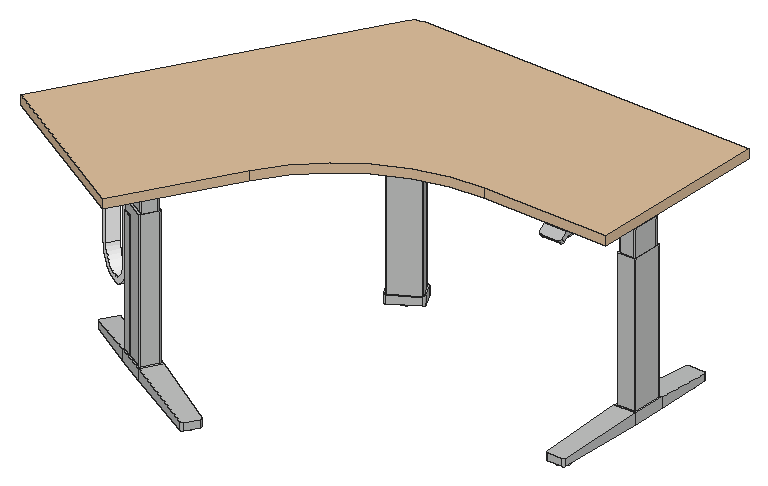
Revit family "Table-Teknion-JNTV-Navigate_Height_Adjustable_120-R2018", category Furniture, Revit 2018 (continued)
Forms (in)
  Sweep 48, solid, material "Plastic - Teknion - 8C - Very White" <- "Power Accessory Finish", visible <- "Frame Integrated Powerbar"
    path origin (0, 0, 0) x (1, 0, 0) y (0, 1, 0)
      loop
        line (0, 6.93077) -> (0, 6.74179)
    profile origin (0, 6.83628, 0) x (1, 0, 0) y (0, 0, 1)
      loop
        line (10.27643, 27.52894) -> (10.27643, 26.47894) -> (11.32643, 26.47894) -> (11.32643, 27.52894) -> (10.27643, 27.52894)
      loop
        line (11.85123, 27.52894) -> (11.85123, 26.47894) -> (12.90123, 26.47894) -> (12.90123, 27.52894) -> (11.85123, 27.52894)
      loop
        line (13.42603, 27.52894) -> (13.42603, 26.47894) -> (14.47603, 26.47894) -> (14.47603, 27.52894) -> (13.42603, 27.52894)
      loop
        line (15.00084, 27.52894) -> (15.00084, 26.47894) -> (16.05084, 26.47894) -> (16.05084, 27.52894) -> (15.00084, 27.52894)
  Sweep 49, solid, visible <- "I or P"
    path origin (0, 0, 0) x (1, 0, 0) y (0, 1, 0)
      loop
        line (0, 6.83195) -> (0, 6.74179)
    profile origin (0, 6.78687, 0) x (1, 0, 0) y (0, 0, 1)
      loop
        line (17.11934, 27.37894) -> (17.11934, 26.62894) -> (17.86934, 26.62894) -> (17.86934, 27.37894) -> (17.11934, 27.37894)
  Sweep 50, void
    path origin (0, 0, 0) x (1, 0, 0) y (0, 1, 0)
      loop
        line (18.795, 7.09022) -> (18.795, 6.09022)
    profile origin (18.795, 6.59022, 0) x (1, 0, 0) y (0, 0, 1)
      loop
        line (-8.87902, 27.5561) -> (-8.87902, 26.45373) -> (-7.44043, 26.45373) -> (-7.44043, 27.5561) -> (-8.87902, 27.5561)
      loop
        line (-6.96799, 27.5561) -> (-6.96799, 26.45373) -> (-5.86759, 26.45373) -> (-5.86759, 27.5561) -> (-6.96799, 27.5561)
      loop
        line (-5.39515, 27.5561) -> (-5.39515, 26.45373) -> (-4.29278, 26.45373) -> (-4.29278, 27.5561) -> (-5.39515, 27.5561)
      loop
        line (-3.82034, 27.5561) -> (-3.82034, 26.45373) -> (-2.71798, 26.45373) -> (-2.71798, 27.5561) -> (-3.82034, 27.5561)
      loop
        line (-1.73373, 27.43701) -> (-1.73373, 26.57087) -> (-0.86759, 26.57087) -> (-0.86759, 27.43701) -> (-1.73373, 27.43701)
  Sweep 51, void
    path origin (0, 0, 0) x (1, 0, 0) y (0, 0, 1)
      loop
        line (0, 27.31102) -> (0, 26.31102)
    profile origin (0, 0, 26.81102) x (0, -1, 0) y (1, 0, 0)
      loop
        line (-14.045, 34.891) -> (-14.045, 32.01698)
        arc (-14.045, 32.01698) -> (-13.20322, 34.04922) -> (-11.17098, 34.891) r 2.87402
        line (-11.17098, 34.891) -> (-14.045, 34.891)
      loop
        arc (6.08098, 34.891) -> (8.11322, 34.04922) -> (8.955, 32.01698) r 2.87402
        line (8.955, 32.01698) -> (8.955, 34.891) -> (6.08098, 34.891)
  Sweep 52, solid, material "Plastic - Teknion - 8C - Very White" <- "Power Accessory Finish", visible <- "Frame Integrated Powerbar with IEC Outlet"
    path origin (0, 0, 0) x (1, 0, 0) y (0, 1, 0)
      loop
        line (0, 6.74179) -> (0, 6.93077)
    profile origin (0, 6.83628, 0) x (-1, 0, 0) y (0, 0, 1)
      loop
        line (-12.90123, 27.52894) -> (-12.90123, 26.47894) -> (-11.85123, 26.47894) -> (-11.85123, 27.52894) -> (-12.90123, 27.52894)
      loop
        line (-14.47603, 27.52894) -> (-14.47603, 26.47894) -> (-13.42603, 26.47894) -> (-13.42603, 27.52894) -> (-14.47603, 27.52894)
      loop
        line (-16.05084, 27.52894) -> (-16.05084, 26.47894) -> (-15.00084, 26.47894) -> (-15.00084, 27.52894) -> (-16.05084, 27.52894)
      loop
        line (-17.86934, 27.37894) -> (-17.86934, 26.62894) -> (-17.11934, 26.62894) -> (-17.11934, 27.37894) -> (-17.86934, 27.37894)
      loop
        line (-11.32603, 27.54724) -> (-11.32603, 26.46063) -> (-9.94021, 26.46063) -> (-9.94021, 27.54724) -> (-11.32603, 27.54724)
      loop
        line (-10.32872, 27.42717) -> (-10.93752, 27.42717) -> (-11.19808, 27.15067) -> (-11.19808, 26.58071) -> (-10.06816, 26.58071) -> (-10.06816, 27.15067) -> (-10.32872, 27.42717)
      loop
        line (-11.08588, 27.10618) -> (-11.08588, 26.69291) -> (-10.18037, 26.69291) -> (-10.18037, 27.10618) -> (-10.37711, 27.31496) -> (-10.88913, 27.31496) -> (-11.08588, 27.10618)
  Sweep 53, void
    path origin (0, 0, 0) x (1, 0, 0) y (0, 1, 0)
      loop
        line (-6.62823, 3.82681) -> (-4.89618, 2.82681)
    profile origin (-5.7622, 3.32681, 0) x (0.5, 0.866025, 0) y (0, 0, 1)
      loop
        line (-15.302, 27.54724) -> (-15.302, 26.44488) -> (-13.86342, 26.44488) -> (-13.86342, 27.54724) -> (-15.302, 27.54724)
      loop
        line (-13.39098, 27.54724) -> (-13.39098, 26.44488) -> (-12.29057, 26.44488) -> (-12.29057, 27.54724) -> (-13.39098, 27.54724)
      loop
        line (-11.81813, 27.54724) -> (-11.81813, 26.44488) -> (-10.71577, 26.44488) -> (-10.71577, 27.54724) -> (-11.81813, 27.54724)
      loop
        line (-10.24333, 27.54724) -> (-10.24333, 26.44488) -> (-9.14096, 26.44488) -> (-9.14096, 27.54724) -> (-10.24333, 27.54724)
      loop
        line (-8.15671, 27.42816) -> (-8.15671, 26.56201) -> (-7.29057, 26.56201) -> (-7.29057, 27.42816) -> (-8.15671, 27.42816)
  Sweep 54, solid, material "Plastic - Teknion - Z2 - Crisp Grey"
    path origin (0, 0, 0) x (1, 0, 0) y (0, 1, 0)
      loop
        line (-5.71923, 3.302) -> (-5.83856, 3.37089)
    profile origin (-5.77889, 3.33645, 0) x (-0.5, -0.866025, 0) y (0, 0, 1)
      loop
        arc (6.32837, 27.71496) -> (5.61734, 27.00394) -> (6.32837, 26.29291) r 0.71102
        line (6.32837, 26.29291) -> (15.89057, 26.29291)
        arc (15.89057, 26.29291) -> (16.60159, 27.00394) -> (15.89057, 27.71496) r 0.71102
        line (15.89057, 27.71496) -> (6.32837, 27.71496)
  Sweep 55, solid, material "Plastic - Teknion - Z2 - Crisp Grey"
    path origin (0, 0, 0) x (1, 0, 0) y (0, 1, 0)
      loop
        line (-5.93062, 3.42404) -> (-5.83856, 3.37089)
    profile origin (-5.88459, 3.39747, 0) x (0.5, 0.866025, 0) y (0, 0, 1)
      loop
        line (-14.94805, 27.53543) -> (-14.94805, 26.47244) -> (-13.88506, 26.47244) -> (-13.88506, 27.53543) -> (-14.94805, 27.53543)
      loop
        line (-13.37325, 27.53543) -> (-13.37325, 26.47244) -> (-12.31026, 26.47244) -> (-12.31026, 27.53543) -> (-13.37325, 27.53543)
      loop
        line (-10.73545, 27.53543) -> (-11.79845, 27.53543) -> (-11.79845, 26.47244) -> (-10.73545, 26.47244) -> (-10.73545, 27.53543)
      loop
        line (-10.22364, 27.53543) -> (-10.22364, 26.47244) -> (-9.16065, 26.47244) -> (-9.16065, 27.53543) -> (-10.22364, 27.53543)
      loop
        line (-7.29057, 27.42816) -> (-8.15671, 27.42816) -> (-8.15671, 26.56201) -> (-7.29057, 26.56201) -> (-7.29057, 27.42816)
  Sweep 56, solid, material "Plastic - Teknion - Z2 - Crisp Grey", visible <- "No Powerbar"
    path origin (0, 0, 0) x (1, 0, 0) y (0, 1, 0)
      loop
        line (0, 6.87959) -> (0, 6.74179)
    profile origin (0, 6.81069, 0) x (1, 0, 0) y (0, 0, 1)
      loop
        line (11.33292, 27.53543) -> (10.26993, 27.53543) -> (10.26993, 26.47244) -> (11.33292, 26.47244) -> (11.33292, 27.53543)
      loop
        line (12.90773, 27.53543) -> (11.84474, 27.53543) -> (11.84474, 26.47244) -> (12.90773, 26.47244) -> (12.90773, 27.53543)
      loop
        line (13.41954, 27.53543) -> (13.41954, 26.47244) -> (14.48253, 26.47244) -> (14.48253, 27.53543) -> (13.41954, 27.53543)
      loop
        line (14.99434, 27.53543) -> (14.99434, 26.47244) -> (16.05733, 26.47244) -> (16.05733, 27.53543) -> (14.99434, 27.53543)
      loop
        line (17.92741, 27.43701) -> (17.06127, 27.43701) -> (17.06127, 26.57087) -> (17.92741, 26.57087) -> (17.92741, 27.43701)
  Sweep 57, solid, material "Plastic - Teknion - Z2 - Crisp Grey", visible <- "No Powerbar"
    path origin (0, 0, 0) x (1, 0, 0) y (0, 1, 0)
      loop
        line (0, 6.74179) -> (0, 6.604)
    profile origin (0, 6.67289, 0) x (1, 0, 0) y (0, 0, 1)
      loop
        arc (9.32741, 27.71496) -> (8.61639, 27.00394) -> (9.32741, 26.29291) r 0.71102
        line (9.32741, 26.29291) -> (18.88962, 26.29291)
        arc (18.88962, 26.29291) -> (19.60064, 27.00394) -> (18.88962, 27.71496) r 0.71102
        line (18.88962, 27.71496) -> (9.32741, 27.71496)
Cuts and joins
  Sweep 8, Sweep 9, Sweep 10 cuts Sweep 7
  joined: Sweep 7, Sweep 12
  Sweep 14 cuts Sweep 13
  Sweep 15, Sweep 53 cuts Sweep 17
  Sweep 15, Sweep 50 cuts Sweep 16
  Sweep 20, Sweep 33, Sweep 34, Sweep 35, Sweep 36, Sweep 39, Sweep 40, Sweep 42, Sweep 51 cuts Sweep 18
  joined: Sweep 18, Sweep 19
  Sweep 22, Sweep 23 cuts Sweep 21
  Sweep 25, Sweep 26 cuts Sweep 24
  SweptBlend 28 cuts Sweep 27
Dimensions and locks (in)
  plane 4 "Left" to plane 5 "Right" = 75.000"
  plane 6 "Back" to plane 7 "Front" = 69.93007"
  "Height": plane 8 "Top" to level
  "Actual Depth B": plane 15 to plane 1 "Center Front/Back"
  "Actual Depth A": plane 16 "B Side Front/Back" to plane 13
  "Actual Depth B": plane 14 to plane 16 "B Side Front/Back"
  "Actual Width A": plane 3 "Center Left/Right" to plane 12
  "Actual Width B": plane 9 to plane 10
  "Actual Depth A": plane 1 "Center Front/Back" to plane 6 "Back"
  "Desk Edge Width": plane 3 "Center Left/Right" to plane 5 "Right"
  "Desk Edge Width": plane 11 to plane 10
  plane 20 to plane 19 to plane 18 to plane 17 to level = 17.65551", 1.37795" locked, 0.04409" locked, 0.2315" locked
  equal spacing: plane 22, plane 21, plane 20
  plane 8 "Top" to plane 23 to plane 22 = 1.18898" locked, 1.92902" locked
  equal spacing: plane 21, plane 24, level
  Sweep 1 sketch curve to Sweep 1 sketch curve to plane 12 = 0.00005" locked, 1.85081" locked
  locked: Sweep 1 sketch curve to plane 3 "Center Left/Right" at 4.78319
  locked: plane 1 "Center Front/Back" to Sweep 1 sketch curve at 8.28469
  locked: plane 15 to Sweep 1 sketch curve at 1.35126
  locked: plane 6 "Back" to Sweep 1 sketch curve at 1.35119
  locked: plane 13 to Sweep 1 sketch curve at 1.35122
  locked: Sweep 1 sketch curve to plane 9 at 1.85081  (x2)
  locked: Sweep 1 sketch curve to plane 14 at 1.35122
  plane 1 "Center Front/Back" to Sweep 2 sketch curve to Sweep 2 sketch curve to Sweep 2 sketch curve to Sweep 2 sketch curve to Sweep 2 sketch curve to Sweep 2 sketch curve = 2.57644" locked, 0.11811" locked, 0.000" locked, 3.70079" locked, 0.000" locked, 0.11811" locked
  Sweep 2 sketch curve to Sweep 2 sketch curve to Sweep 2 sketch curve to Sweep 2 sketch curve to Sweep 2 sketch curve to Sweep 2 sketch curve to plane 12 = 0.11811" locked, 0.000" locked, 2.12598" locked, 0.000" locked, 0.11811" locked, 0.66971" locked
  Sweep 2 sketch curve to Sweep 2 sketch curve to Sweep 2 sketch curve to Sweep 2 sketch curve to Sweep 2 sketch curve to Sweep 2 sketch curve to plane 9 = 0.11811" locked, 0.000" locked, 2.12598" locked, 0.000" locked, 0.11811" locked, 0.66971" locked
  plane 16 "B Side Front/Back" to Sweep 2 sketch curve to Sweep 2 sketch curve to Sweep 2 sketch curve to Sweep 2 sketch curve to Sweep 2 sketch curve to Sweep 2 sketch curve = 2.57643" locked, 0.11811" locked, 0.000" locked, 3.70079" locked, 0.000" locked, 0.11811" locked
  locked: plane 19 to Sweep 3 sketch curve at 0.35433
  Sweep 3 sketch curve to Sweep 3 sketch curve to Sweep 3 sketch curve to Sweep 3 sketch curve to Sweep 3 sketch curve to Sweep 3 sketch curve to Sweep 3 sketch curve to Sweep 3 sketch curve to plane 3 "Center Left/Right" = 0.04323" locked, 1.01976" locked, 0.16134" locked, 2.02387" locked, 0.16134" locked, 1.01976" locked, 0.04323" locked, 2.5466" locked
  plane 1 "Center Front/Back" to Sweep 3 sketch curve to Sweep 3 sketch curve to Sweep 3 sketch curve to Sweep 3 sketch curve to Sweep 3 sketch curve to Sweep 3 sketch curve to Sweep 3 sketch curve to Sweep 3 sketch curve = 6.33612" locked, 0.04323" locked, 1.80716" locked, 0.03399" locked, 0.12735" locked, 0.03399" locked, 1.80716" locked, 0.04323" locked
  locked: plane 20 to Sweep 4 sketch curve at 1
  Sweep 4 sketch curve to Sweep 4 sketch curve to Sweep 4 sketch curve to Sweep 4 sketch curve to Sweep 4 sketch curve to Sweep 4 sketch curve to plane 12 = 0.11811" locked, 0.000" locked, 1.73228" locked, 0.000" locked, 0.11811" locked, 0.86656" locked
  plane 1 "Center Front/Back" to Sweep 4 sketch curve to Sweep 4 sketch curve to Sweep 4 sketch curve to Sweep 4 sketch curve to Sweep 4 sketch curve to Sweep 4 sketch curve = 2.77329" locked, 0.11811" locked, 0.000" locked, 3.30709" locked, 0.000" locked, 0.11811" locked
  Sweep 4 sketch curve to Sweep 4 sketch curve to Sweep 4 sketch curve to Sweep 4 sketch curve to Sweep 4 sketch curve to Sweep 4 sketch curve to plane 9 = 0.11811" locked, 0.000" locked, 1.73228" locked, 0.000" locked, 0.11811" locked, 0.86656" locked
  plane 16 "B Side Front/Back" to Sweep 4 sketch curve to Sweep 4 sketch curve to Sweep 4 sketch curve to Sweep 4 sketch curve to Sweep 4 sketch curve to Sweep 4 sketch curve = 2.77328" locked, 0.11811" locked, 0.000" locked, 3.30709" locked, 0.000" locked, 0.11811" locked
  Sweep 4 sketch curve to Sweep 4 sketch curve to Sweep 4 sketch curve to Sweep 4 sketch curve to Sweep 4 sketch curve to Sweep 4 sketch curve to Sweep 4 sketch curve to Sweep 4 sketch curve to plane 3 "Center Left/Right" = 0.04323" locked, 0.82291" locked, 0.16134" locked, 1.87977" locked, 0.16134" locked, 0.82291" locked, 0.04323" locked, 2.81551" locked
  plane 1 "Center Front/Back" to Sweep 4 sketch curve to Sweep 4 sketch curve to Sweep 4 sketch curve to Sweep 4 sketch curve to Sweep 4 sketch curve to Sweep 4 sketch curve to Sweep 4 sketch curve to Sweep 4 sketch curve = 6.60502" locked, 0.04323" locked, 1.5002" locked, 0.11011" locked, 0.05123" locked, 0.11011" locked, 1.5002" locked, 0.04323" locked
  locked: Sweep 5 sketch curve to plane 22 at 0.00776
  locked: plane 21 to Sweep 5 sketch curve at 1
  locked: Sweep 6 sketch curve to plane 18 at 1.02362
  Sweep 6 sketch curve to Sweep 6 sketch curve to Sweep 6 sketch curve to Sweep 6 sketch curve to Sweep 6 sketch curve to Sweep 6 sketch curve to Sweep 6 sketch curve to Sweep 6 sketch curve to plane 3 "Center Left/Right" = 0.12105" locked, 0.94194" locked, 0.45176" locked, 1.81128" locked, 0.45176" locked, 0.94194" locked, 0.12105" locked, 2.36249" locked
  plane 1 "Center Front/Back" to Sweep 6 sketch curve to Sweep 6 sketch curve to Sweep 6 sketch curve to Sweep 6 sketch curve to Sweep 6 sketch curve to Sweep 6 sketch curve to Sweep 6 sketch curve to Sweep 6 sketch curve = 6.152" locked, 0.12105" locked, 1.72935" locked, 0.11181" locked, 0.33995" locked, 0.11181" locked, 1.72935" locked, 0.12105" locked
  Sweep 7 sketch curve to Sweep 7 sketch curve to plane 1 "Center Front/Back" to Sweep 7 sketch curve to Sweep 7 sketch curve to Sweep 7 sketch curve to Sweep 7 sketch curve to Sweep 7 sketch curve to Sweep 7 sketch curve = 0.05764" locked, 0.22118" locked, 1.83358" locked, 0.21512" locked, 6.24888" locked, 0.21512" locked, 2.05476" locked, 0.05764" locked
  Sweep 7 sketch curve to Sweep 7 sketch curve to Sweep 7 sketch curve to Sweep 7 sketch curve to Sweep 7 sketch curve to Sweep 7 sketch curve to plane 3 "Center Left/Right" to Sweep 7 sketch curve to Sweep 7 sketch curve = 0.05764" locked, 3.65879" locked, 0.21512" locked, 0.98676" locked, 0.21512" locked, 2.27821" locked, 1.38057" locked, 0.05764" locked
  Sweep 7 sketch curve to Sweep 7 sketch curve to Sweep 7 sketch curve to Sweep 7 sketch curve to Sweep 7 sketch curve to Sweep 7 sketch curve to Sweep 7 sketch curve to Sweep 7 sketch curve to Sweep 7 sketch curve to Sweep 7 sketch curve to Sweep 7 sketch curve to Sweep 7 sketch curve to Sweep 7 sketch curve to Sweep 7 sketch curve to Sweep 7 sketch curve to Sweep 7 sketch curve to plane 12 = 0.000" locked, 0.04228" locked, 0.000" locked, 0.50491" locked, 0.000" locked, 0.47106" locked, 0.000" locked, 1.50669" locked, 0.000" locked, 0.47106" locked, 0.000" locked, 0.0748" locked, 0.43011" locked, 0.000" locked, 0.04233" locked, 0.00041" locked
  Sweep 7 sketch curve to Sweep 7 sketch curve to Sweep 7 sketch curve to plane 1 "Center Front/Back" to Sweep 7 sketch curve to Sweep 7 sketch curve to Sweep 7 sketch curve to Sweep 7 sketch curve to Sweep 7 sketch curve to Sweep 7 sketch curve to Sweep 7 sketch curve to Sweep 7 sketch curve to Sweep 7 sketch curve to Sweep 7 sketch curve to Sweep 7 sketch curve = 0.42526" locked, 0.000" locked, 3.49436" locked, 1.43313" locked, 0.000" locked, 0.79882" locked, 0.02954" locked, 4.5669" locked, 0.02954" locked, 0.79882" locked, 0.000" locked, 4.9275" locked, 0.000" locked, 0.42526" locked
  Sweep 7 sketch curve to Sweep 7 sketch curve to Sweep 7 sketch curve to Sweep 7 sketch curve to Sweep 7 sketch curve to Sweep 7 sketch curve to Sweep 7 sketch curve to Sweep 7 sketch curve to Sweep 7 sketch curve to Sweep 7 sketch curve to Sweep 7 sketch curve to Sweep 7 sketch curve to Sweep 7 sketch curve to Sweep 7 sketch curve to Sweep 7 sketch curve to Sweep 7 sketch curve to plane 9 = 0.000" locked, 0.04228" locked, 0.000" locked, 0.50491" locked, 0.000" locked, 0.47106" locked, 0.000" locked, 1.50669" locked, 0.000" locked, 0.47106" locked, 0.000" locked, 0.0748" locked, 0.43011" locked, 0.000" locked, 0.04233" locked, 0.00041" locked
  Sweep 7 sketch curve to Sweep 7 sketch curve to Sweep 7 sketch curve to plane 16 "B Side Front/Back" to Sweep 7 sketch curve to Sweep 7 sketch curve to Sweep 7 sketch curve to Sweep 7 sketch curve to Sweep 7 sketch curve to Sweep 7 sketch curve to Sweep 7 sketch curve to Sweep 7 sketch curve to Sweep 7 sketch curve = 0.42526" locked, 0.000" locked, 3.49437" locked, 1.43313" locked, 0.000" locked, 0.79882" locked, 4.62598" locked, 0.79882" locked, 0.000" locked, 4.9275" locked, 0.000" locked, 0.42526" locked
  locked: plane 23 to Sweep 8 sketch curve at 1.81732
  locked: Sweep 9 sketch curve to plane 9 at 4
  Sweep 9 sketch curve to Sweep 9 sketch curve to Sweep 9 sketch curve to Sweep 9 sketch curve to plane 22 to Sweep 9 sketch curve to Sweep 9 sketch curve = 0.000" locked, 1.4892" locked, 0.000" locked, 0.00004" locked, 0.99996" locked, 0.000" locked
  Sweep 9 sketch curve to Sweep 9 sketch curve to Sweep 9 sketch curve to Sweep 9 sketch curve to Sweep 9 sketch curve to plane 16 "B Side Front/Back" to Sweep 9 sketch curve = 6.40821" locked, 0.41906" locked, 4.57227" locked, 0.41906" locked, 1.83974" locked, 4.56846" locked
  locked: Sweep 10 sketch curve to plane 12 at 4
  Sweep 10 sketch curve to plane 1 "Center Front/Back" to Sweep 10 sketch curve to Sweep 10 sketch curve to Sweep 10 sketch curve = 4.65016" locked, 1.83973" locked, 5.41042" locked, 6.45444" locked
  Sweep 10 sketch curve to Sweep 10 sketch curve to plane 22 to Sweep 10 sketch curve to Sweep 10 sketch curve = 0.00824" locked, 1.500" locked, 0.000", 0.000" locked
  Sweep 11 sketch curve to Sweep 11 sketch curve to plane 22 = 1.81102" locked, 0.11799" locked
  Sweep 11 sketch curve to Sweep 11 sketch curve to Sweep 11 sketch curve to Sweep 11 sketch curve to Sweep 11 sketch curve to Sweep 11 sketch curve to plane 12 = 0.31496" locked, 0.000" locked, 6.61008" locked, 0.000" locked, 0.31496" locked, 0.47285" locked
  plane 1 "Center Front/Back" to Sweep 11 sketch curve to Sweep 11 sketch curve to Sweep 11 sketch curve to Sweep 11 sketch curve to Sweep 11 sketch curve to Sweep 11 sketch curve = 2.37959" locked, 0.31496" locked, 0.000" locked, 3.70079" locked, 0.000" locked, 0.31496" locked
  Sweep 11 sketch curve to Sweep 11 sketch curve to Sweep 11 sketch curve to Sweep 11 sketch curve to Sweep 11 sketch curve to Sweep 11 sketch curve to plane 9 = 0.31496" locked, 0.000" locked, 6.61008" locked, 0.000" locked, 0.31496" locked, 0.47285" locked
  plane 16 "B Side Front/Back" to Sweep 11 sketch curve to Sweep 11 sketch curve to Sweep 11 sketch curve to Sweep 11 sketch curve to Sweep 11 sketch curve to Sweep 11 sketch curve = 2.37959" locked, 0.31496" locked, 0.000" locked, 3.70079" locked, 0.000" locked, 0.31496" locked
  Sweep 11 sketch curve to Sweep 11 sketch curve to Sweep 11 sketch curve to Sweep 11 sketch curve to Sweep 11 sketch curve to Sweep 11 sketch curve to Sweep 11 sketch curve to Sweep 11 sketch curve to plane 3 "Center Left/Right" = 0.11528" locked, 3.18976" locked, 0.01522" locked, 0.41502" locked, 0.01522" locked, 3.18976" locked, 0.11528" locked, 0.13762" locked
  plane 1 "Center Front/Back" to Sweep 11 sketch curve to Sweep 11 sketch curve to Sweep 11 sketch curve to Sweep 11 sketch curve to Sweep 11 sketch curve to Sweep 11 sketch curve to Sweep 11 sketch curve to Sweep 11 sketch curve = 2.28844" locked, 0.11528" locked, 1.73511" locked, 0.43024" locked, 3.55914" locked, 0.43024" locked, 1.73511" locked, 0.11528" locked
  plane 23 to Sweep 12 sketch curve to Sweep 12 sketch curve = 0.000" locked, 0.11811" locked
  Sweep 12 sketch curve to Sweep 12 sketch curve to Sweep 12 sketch curve to Sweep 12 sketch curve to Sweep 12 sketch curve to Sweep 12 sketch curve to Sweep 12 sketch curve to Sweep 12 sketch curve to Sweep 12 sketch curve to Sweep 12 sketch curve to Sweep 12 sketch curve to Sweep 12 sketch curve to Sweep 12 sketch curve to Sweep 12 sketch curve to Sweep 12 sketch curve to plane 3 "Center Left/Right" to Sweep 12 sketch curve to Sweep 12 sketch curve to Sweep 12 sketch curve = 0.07205" locked, 1.14842" locked, 0.02446" locked, 0.24444" locked, 1.17288" locked, 2.51423" locked, 1.17288" locked, 0.12724" locked, 0.1172" locked, 0.02446" locked, 0.20873" locked, 0.2689" locked, 0.67079" locked, 0.07205" locked, 0.62098" locked, 1.08548" locked, 0.27834" locked, 0.07205" locked
  Sweep 12 sketch curve to Sweep 12 sketch curve to Sweep 12 sketch curve to plane 1 "Center Front/Back" to Sweep 12 sketch curve to Sweep 12 sketch curve to Sweep 12 sketch curve to Sweep 12 sketch curve to Sweep 12 sketch curve to Sweep 12 sketch curve to Sweep 12 sketch curve to Sweep 12 sketch curve to Sweep 12 sketch curve to Sweep 12 sketch curve to Sweep 12 sketch curve to Sweep 12 sketch curve to Sweep 12 sketch curve to Sweep 12 sketch curve to Sweep 12 sketch curve = 0.07205" locked, 0.6069" locked, 0.10845" locked, 0.7874" locked, 0.2689" locked, 0.6069" locked, 3.16138" locked, 0.07205" locked, 0.60511" locked, 1.50881" locked, 0.2689" locked, 0.49217" locked, 0.18499" locked, 0.49217" locked, 0.2689" locked, 1.50881" locked, 0.60511" locked, 0.07205" locked
  "Midsupport Inner": Sweep 13 sketch curve to plane 10
  "Midsupport Inner": plane 3 "Center Left/Right" to Sweep 13 sketch curve
  locked: plane 8 "Top" to Sweep 14 sketch curve at 4
  Sweep 14 sketch curve to Sweep 14 sketch curve to Sweep 14 sketch curve to plane 3 "Center Left/Right" to Sweep 14 sketch curve = 3.63519" locked, 0.29636" locked, 2.11823" locked, 1.51696" locked
  Sweep 14 sketch curve to plane 1 "Center Front/Back" to Sweep 14 sketch curve to Sweep 14 sketch curve to Sweep 14 sketch curve = 0.35756" locked, 1.91232" locked, 4.02644" locked, 2.26988" locked
  "Midsupport Offset Side B": plane 26 to plane 10
  "Midsupport Offset Side A": plane 3 "Center Left/Right" to plane 25
  Sweep 15 sketch curve to plane 3 "Center Left/Right" to Sweep 15 sketch curve to Sweep 15 sketch curve to Sweep 15 sketch curve = 1.51696" locked, 2.41459" locked, 1.14424" locked, 3.93155" locked
  Sweep 15 sketch curve to plane 1 "Center Front/Back" to Sweep 15 sketch curve to Sweep 15 sketch curve to Sweep 15 sketch curve = 0.35756" locked, 1.91232" locked, 6.52164" locked, 2.26988" locked
  locked: Sweep 16 sketch curve to plane 12 at 0.51616
  Sweep 16 sketch curve to Sweep 16 sketch curve to Sweep 16 sketch curve to Sweep 16 sketch curve to Sweep 16 sketch curve to Sweep 16 sketch curve to Sweep 16 sketch curve to Sweep 16 sketch curve to plane 1 "Center Front/Back" = 0.09843" locked, 0.09843" locked, 0.01181" locked, 4.17323" locked, 0.01181" locked, 0.09843" locked, 0.09843" locked, 2.24967" locked
  plane 23 to Sweep 16 sketch curve to Sweep 16 sketch curve to Sweep 16 sketch curve to Sweep 16 sketch curve to Sweep 16 sketch curve to Sweep 16 sketch curve to Sweep 16 sketch curve to Sweep 16 sketch curve = 0.000" locked, 0.000" locked, 1.7126" locked, 0.000" locked, 0.01181" locked, 0.000" locked, 0.09843" locked, 0.09843" locked
  locked: Sweep 17 sketch curve to plane 9 at 0.51616
  plane 23 to Sweep 17 sketch curve to Sweep 17 sketch curve to Sweep 17 sketch curve to Sweep 17 sketch curve to Sweep 17 sketch curve to Sweep 17 sketch curve to Sweep 17 sketch curve to Sweep 17 sketch curve = 0.000", 0.000" locked, 1.7126" locked, 0.000", 0.01181", 0.000", 0.09843", 0.09843"
  Sweep 17 sketch curve to Sweep 17 sketch curve to Sweep 17 sketch curve to Sweep 17 sketch curve to Sweep 17 sketch curve to Sweep 17 sketch curve to Sweep 17 sketch curve to Sweep 17 sketch curve to plane 16 "B Side Front/Back" = 0.09843" locked, 0.09843" locked, 0.01181" locked, 4.17323" locked, 0.01181" locked, 0.09843" locked, 0.09843" locked, 2.24966" locked
  Sweep 19 sketch curve to Sweep 19 sketch curve to plane 15 = 12.000" locked, 12.000" locked
  plane 14 to Sweep 19 sketch curve to Sweep 19 sketch curve to Sweep 19 sketch curve = 0.000" locked, 12.000" locked, 12.000" locked
  plane 13 to Sweep 20 sketch curve to Sweep 20 sketch curve to Sweep 20 sketch curve = 0.000" locked, 1.000" locked, 1.000" locked
  plane 6 "Back" to Sweep 20 sketch curve to Sweep 20 sketch curve to Sweep 20 sketch curve = 0.000" locked, 1.000" locked, 1.000" locked
  Sweep 21 sketch curve to Sweep 21 sketch curve to Sweep 21 sketch curve to Sweep 21 sketch curve to Sweep 21 sketch curve to Sweep 21 sketch curve to Sweep 21 sketch curve to Sweep 21 sketch curve to Sweep 21 sketch curve to Sweep 21 sketch curve to Sweep 21 sketch curve to Sweep 21 sketch curve to Sweep 21 sketch curve to Sweep 21 sketch curve to plane 9 = 0.18708" locked, 0.00301" locked, 0.27191" locked, 0.000" locked, 0.00307" locked, 0.000" locked, 1.82174" locked, 0.000" locked, 0.02164" locked, 0.000" locked, 0.24998" locked, 0.00331" locked, 0.18708" locked, 0.4764" locked
  Sweep 21 sketch curve to Sweep 21 sketch curve to Sweep 21 sketch curve to Sweep 21 sketch curve to Sweep 21 sketch curve to Sweep 21 sketch curve to Sweep 21 sketch curve to Sweep 21 sketch curve to Sweep 21 sketch curve to Sweep 21 sketch curve to Sweep 21 sketch curve to Sweep 21 sketch curve to Sweep 21 sketch curve to Sweep 21 sketch curve to plane 12 = 0.18708" locked, 0.00301" locked, 0.27191" locked, 0.000" locked, 0.00307" locked, 0.000" locked, 1.82174" locked, 0.000" locked, 0.02164" locked, 0.000" locked, 0.24998" locked, 0.00331" locked, 0.18708" locked, 0.4764" locked
  Sweep 21 sketch curve to Sweep 21 sketch curve to Sweep 21 sketch curve to Sweep 21 sketch curve to Sweep 21 sketch curve to Sweep 21 sketch curve to Sweep 21 sketch curve to plane 16 "B Side Front/Back" to Sweep 21 sketch curve to Sweep 21 sketch curve to Sweep 21 sketch curve = 0.26862" locked, 0.000" locked, 8.06602" locked, 0.000" locked, 4.33071" locked, 0.000" locked, 2.37959" locked, 13.68331" locked, 0.0247" locked, 0.24704" locked
  Sweep 21 sketch curve to Sweep 21 sketch curve to Sweep 21 sketch curve to plane 1 "Center Front/Back" to Sweep 21 sketch curve to Sweep 21 sketch curve to Sweep 21 sketch curve to Sweep 21 sketch curve to Sweep 21 sketch curve to Sweep 21 sketch curve to Sweep 21 sketch curve = 0.24704" locked, 0.0247" locked, 13.68331" locked, 2.37959" locked, 0.000" locked, 4.33071" locked, 0.000" locked, 8.06602" locked, 0.000" locked, 0.26862" locked
  locked: Sweep 22 sketch curve to plane 12 at 4
  Sweep 22 sketch curve to plane 1 "Center Front/Back" to Sweep 22 sketch curve to Sweep 22 sketch curve to Sweep 22 sketch curve = 14.205" locked, 2.37959" locked, 4.33071" locked, 8.58465" locked
  Sweep 22 sketch curve to plane 19 to Sweep 22 sketch curve to Sweep 22 sketch curve to Sweep 22 sketch curve = 0.500" locked, 0.000" locked, 0.51114" locked, 0.01003" locked
  locked: Sweep 23 sketch curve to plane 9 at 4
  Sweep 23 sketch curve to Sweep 23 sketch curve to Sweep 23 sketch curve to plane 16 "B Side Front/Back" to Sweep 23 sketch curve = 8.58465" locked, 4.33071" locked, 2.37958" locked, 14.20506" locked
  Sweep 23 sketch curve to plane 19 to Sweep 23 sketch curve to Sweep 23 sketch curve to Sweep 23 sketch curve = 0.500" locked, 0.000" locked, 0.51114" locked, 0.01003" locked
  Sweep 24 sketch curve to Sweep 24 sketch curve to Sweep 24 sketch curve to Sweep 24 sketch curve to Sweep 24 sketch curve to Sweep 24 sketch curve to Sweep 24 sketch curve to Sweep 24 sketch curve to Sweep 24 sketch curve to Sweep 24 sketch curve to Sweep 24 sketch curve to Sweep 24 sketch curve to Sweep 24 sketch curve to Sweep 24 sketch curve to plane 12 = 0.1866" locked, 0.00245" locked, 0.27246" locked, 0.000" locked, 0.0025" locked, 0.000" locked, 1.8215" locked, 0.000" locked, 0.0025" locked, 0.000" locked, 0.27246" locked, 0.00245" locked, 0.1859" locked, 0.4764" locked
  Sweep 24 sketch curve to Sweep 24 sketch curve to Sweep 24 sketch curve to Sweep 24 sketch curve to Sweep 24 sketch curve to Sweep 24 sketch curve to Sweep 24 sketch curve to Sweep 24 sketch curve to Sweep 24 sketch curve to Sweep 24 sketch curve to Sweep 24 sketch curve to Sweep 24 sketch curve to Sweep 24 sketch curve to Sweep 24 sketch curve to plane 9 = 0.1866" locked, 0.00245" locked, 0.27246" locked, 0.000" locked, 0.0025" locked, 0.000" locked, 1.8215" locked, 0.000" locked, 0.0025" locked, 0.000" locked, 0.27246" locked, 0.00245" locked, 0.1859" locked, 0.4764" locked
  Sweep 24 sketch curve to Sweep 24 sketch curve to Sweep 24 sketch curve to plane 1 "Center Front/Back" to Sweep 24 sketch curve to Sweep 24 sketch curve to Sweep 24 sketch curve to Sweep 24 sketch curve to Sweep 24 sketch curve to Sweep 24 sketch curve to Sweep 24 sketch curve = 0.27031" locked, 0.000" locked, 8.68475" locked, 2.35905" locked, 0.04108" locked, 4.29688" locked, 0.02658" locked, 7.0536" locked, 0.000" locked, 0.26775" locked
  Sweep 24 sketch curve to Sweep 24 sketch curve to Sweep 24 sketch curve to Sweep 24 sketch curve to Sweep 24 sketch curve to Sweep 24 sketch curve to Sweep 24 sketch curve to plane 16 "B Side Front/Back" to Sweep 24 sketch curve to Sweep 24 sketch curve to Sweep 24 sketch curve = 0.26775" locked, 0.000" locked, 7.0536" locked, 0.02658" locked, 4.29688" locked, 0.04108" locked, 2.35905" locked, 8.68475" locked, 0.000" locked, 0.27031" locked
  locked: Sweep 25 sketch curve to plane 12 at 4
  Sweep 25 sketch curve to Sweep 25 sketch curve to Sweep 25 sketch curve to plane 1 "Center Front/Back" to Sweep 25 sketch curve = 7.58465" locked, 4.33071" locked, 2.37959" locked, 9.20506" locked
  Sweep 25 sketch curve to plane 19 to Sweep 25 sketch curve to Sweep 25 sketch curve to Sweep 25 sketch curve = 0.500" locked, 0.000" locked, 0.51575" locked, 0.0082" locked
  locked: Sweep 24 sketch curve to plane 19 at 0.07216
  locked: Sweep 26 sketch curve to plane 9 at 4
  Sweep 26 sketch curve to plane 19 to Sweep 26 sketch curve to Sweep 26 sketch curve to Sweep 26 sketch curve = 0.500" locked, 0.000" locked, 0.51575" locked, 0.0082" locked
  Sweep 26 sketch curve to Sweep 26 sketch curve to Sweep 26 sketch curve to plane 16 "B Side Front/Back" to Sweep 26 sketch curve = 7.5847" locked, 4.33071" locked, 2.37959" locked, 9.205" locked
  Sweep 27 sketch curve to Sweep 27 sketch curve to plane 12 = 2.81339" locked, 0.36502" locked
  Sweep 27 sketch curve to plane 23 to Sweep 27 sketch curve to Sweep 27 sketch curve to Sweep 27 sketch curve to Sweep 27 sketch curve to Sweep 27 sketch curve to Sweep 27 sketch curve to Sweep 27 sketch curve = 0.000" locked, 0.13661" locked, 0.5032" locked, 0.07751" locked, 0.07008" locked, 0.07874" locked, 0.08749" locked, 0.38829" locked
  Sweep 27 sketch curve to Sweep 27 sketch curve to Sweep 27 sketch curve to Sweep 27 sketch curve to Sweep 27 sketch curve to Sweep 27 sketch curve to Sweep 27 sketch curve to Sweep 27 sketch curve to plane 15 to Sweep 27 sketch curve to Sweep 27 sketch curve = 0.83465" locked, 0.07874" locked, 0.13746" locked, 0.00428" locked, 1.94489" locked, 0.10827" locked, 0.18232" locked, 0.0266" locked, 0.63978" locked, 0.32122" locked
  SweptBlend 28 sketch curve to plane 22 to SweptBlend 28 sketch curve = 4.000" locked, 0.000" locked
  SweptBlend 28 sketch curve to SweptBlend 28 sketch curve to plane 15 to SweptBlend 28 sketch curve to SweptBlend 28 sketch curve = 2.000" locked, 0.08165" locked, 0.33547" locked, 0.000" locked
  SweptBlend 28 sketch curve to SweptBlend 28 sketch curve to SweptBlend 28 sketch curve to SweptBlend 28 sketch curve to plane 12 = 0.41711" locked, 1.97916" locked, 0.41711" locked, 0.36502" locked  (x2)
  SweptBlend 28 sketch curve to SweptBlend 28 sketch curve to SweptBlend 28 sketch curve to SweptBlend 28 sketch curve to plane 15 = 2.000" locked, 0.41711" locked, 0.000" locked, 3.2032" locked
  locked: Sweep 29 sketch curve to plane 19 at 16.22
  Sweep 29 sketch curve to Sweep 29 sketch curve to Sweep 29 sketch curve to Sweep 29 sketch curve to Sweep 29 sketch curve to Sweep 29 sketch curve to Sweep 29 sketch curve to Sweep 29 sketch curve to plane 12 = 0.04724" locked, 0.4311" locked, 0.04724" locked, 1.40551" locked, 0.04724" locked, 0.4311" locked, 0.04724" locked, 0.62246" locked
  plane 1 "Center Front/Back" to Sweep 29 sketch curve to Sweep 29 sketch curve to Sweep 29 sketch curve to Sweep 29 sketch curve to Sweep 29 sketch curve to Sweep 29 sketch curve to Sweep 29 sketch curve to Sweep 29 sketch curve = 5.24607" locked, 0.000" locked, 1.28622" locked, 0.00118" locked, 0.04724" locked, 0.000" locked, 0.74134" locked, 0.04724" locked
  locked: Sweep 30 sketch curve to plane 19 at 16.22
  plane 9 to Sweep 30 sketch curve to Sweep 30 sketch curve to Sweep 30 sketch curve to Sweep 30 sketch curve to Sweep 30 sketch curve to Sweep 30 sketch curve to Sweep 30 sketch curve to Sweep 30 sketch curve = 0.62246" locked, 0.04724" locked, 0.4311" locked, 0.04724" locked, 1.40551" locked, 0.04724" locked, 0.4311" locked, 0.04724" locked
  plane 16 "B Side Front/Back" to Sweep 30 sketch curve to Sweep 30 sketch curve to Sweep 30 sketch curve to Sweep 30 sketch curve to Sweep 30 sketch curve to Sweep 30 sketch curve to Sweep 30 sketch curve to Sweep 30 sketch curve = 5.24573" locked, 0.000" locked, 1.28622" locked, 0.00118" locked, 0.04724" locked, 0.000" locked, 0.74134" locked, 0.04724" locked
  Sweep 31 sketch curve to Sweep 31 sketch curve to plane 12 = 1.500" locked, 1.10081" locked
  Sweep 31 sketch curve to Sweep 31 sketch curve to Sweep 31 sketch curve to Sweep 31 sketch curve to Sweep 31 sketch curve to Sweep 31 sketch curve to Sweep 31 sketch curve to Sweep 31 sketch curve to plane 1 "Center Front/Back" = 0.27165" locked, 0.76453" locked, 4.74335" locked, 0.45866" locked, 0.30634" locked, 0.15114" locked, 0.83701" locked, 6.53229" locked
  Sweep 31 sketch curve to Sweep 31 sketch curve to Sweep 31 sketch curve to Sweep 31 sketch curve to level = 0.19685" locked, 0.26181" locked, 0.37992" locked, 17.23181" locked
  plane 23 to Sweep 31 sketch curve to Sweep 31 sketch curve = 0.39417" locked, 0.35433" locked
  plane 24 to Sweep 31 sketch curve to Sweep 31 sketch curve to Sweep 31 sketch curve to Sweep 31 sketch curve = 0.77822" locked, 0.000" locked, 0.000" locked, 0.05455" locked
  Sweep 32 sketch curve to Sweep 32 sketch curve to plane 9 = 1.500" locked, 1.10081" locked
  Sweep 32 sketch curve to Sweep 32 sketch curve to Sweep 32 sketch curve to Sweep 32 sketch curve to Sweep 32 sketch curve to Sweep 32 sketch curve to Sweep 32 sketch curve to Sweep 32 sketch curve to plane 16 "B Side Front/Back" = 0.27165" locked, 0.76453" locked, 4.74335" locked, 0.45866" locked, 0.30634" locked, 0.15114" locked, 0.83701" locked, 6.53195" locked
  plane 20 to Sweep 32 sketch curve to Sweep 32 sketch curve to Sweep 32 sketch curve to Sweep 32 sketch curve = 1.23866" locked, 0.19685" locked, 0.26181" locked, 0.37992" locked
  plane 23 to Sweep 32 sketch curve to Sweep 32 sketch curve = 0.39417" locked, 0.35433" locked
  plane 24 to Sweep 32 sketch curve to Sweep 32 sketch curve to Sweep 32 sketch curve to Sweep 32 sketch curve = 0.77822" locked, 0.000" locked, 0.000" locked, 0.05455" locked
  "Grommet Offset": plane 3 "Center Left/Right" to plane 27
  "Grommet Offset": plane 28 to plane 10
  locked: plane 23 to Sweep 33 sketch curve at 1.5
  "SR Cutout Offset": Sweep 33 sketch curve to Sweep 33 sketch curve
  Sweep 33 sketch curve to Sweep 33 sketch curve to Sweep 33 sketch curve to plane 27 to Sweep 33 sketch curve to Sweep 33 sketch curve to Sweep 33 sketch curve = 0.36063" locked, 0.000" locked, 0.58685" locked, 0.58638" locked, 0.000" locked, 0.36063" locked
  plane 6 "Back" to Sweep 33 sketch curve to Sweep 33 sketch curve to Sweep 33 sketch curve to Sweep 33 sketch curve to Sweep 33 sketch curve to Sweep 33 sketch curve = 2.30276" locked, 0.36063" locked, 0.000" locked, 1.17323" locked, 0.000" locked, 0.36063" locked
  locked: plane 23 to Sweep 34 sketch curve at 1.5
  "SL Cutout Offset": Sweep 34 sketch curve to Sweep 34 sketch curve
  plane 13 to Sweep 34 sketch curve to Sweep 34 sketch curve to Sweep 34 sketch curve to Sweep 34 sketch curve to Sweep 34 sketch curve to Sweep 34 sketch curve = 2.30273" locked, 0.36063" locked, 0.000" locked, 1.17322" locked, 0.000" locked, 0.36063" locked
  Sweep 34 sketch curve to plane 28 to Sweep 34 sketch curve = 0.94707" locked, 0.94742" locked
  locked: plane 23 to Sweep 35 sketch curve at 1.5
  "DR Cutout Offset": Sweep 35 sketch curve to Sweep 35 sketch curve
  plane 6 "Back" to Sweep 35 sketch curve to Sweep 35 sketch curve to Sweep 35 sketch curve to Sweep 35 sketch curve = 3.250" locked, 0.000" locked, 0.000" locked, 0.000" locked
  Sweep 35 sketch curve to Sweep 35 sketch curve to Sweep 35 sketch curve to plane 27 to Sweep 35 sketch curve = 2.000" locked, 0.000" locked, 0.00023" locked, 1.99977" locked
  locked: plane 23 to Sweep 36 sketch curve at 1.5
  "CR Cutout Offset": Sweep 36 sketch curve to Sweep 36 sketch curve
  Sweep 36 sketch curve to Sweep 36 sketch curve to Sweep 36 sketch curve to plane 27 to Sweep 36 sketch curve to Sweep 36 sketch curve to Sweep 36 sketch curve to Sweep 36 sketch curve to Sweep 36 sketch curve to Sweep 36 sketch curve to Sweep 36 sketch curve = 2.000" locked, 0.000" locked, 0.00023" locked, 1.99977" locked, 5.05276" locked, 0.36063" locked, 0.000" locked, 1.17323" locked, 0.000" locked, 0.36063" locked
  plane 6 "Back" to Sweep 36 sketch curve to Sweep 36 sketch curve to Sweep 36 sketch curve to Sweep 36 sketch curve to Sweep 36 sketch curve to Sweep 36 sketch curve to Sweep 36 sketch curve to Sweep 36 sketch curve to Sweep 36 sketch curve to Sweep 36 sketch curve = 2.30276" locked, 0.36063" locked, 0.000" locked, 0.58661" locked, 0.000" locked, 0.000" locked, 0.000" locked, 0.58661" locked, 0.000" locked, 0.36063" locked
  locked: plane 8 "Top" to Sweep 37 sketch curve at 1.55512
  Sweep 37 sketch curve to Sweep 37 sketch curve to Sweep 37 sketch curve to Sweep 37 sketch curve to Sweep 37 sketch curve to Sweep 37 sketch curve to plane 27 to Sweep 37 sketch curve to Sweep 37 sketch curve to Sweep 37 sketch curve to Sweep 37 sketch curve to Sweep 37 sketch curve to Sweep 37 sketch curve = 0.07087" locked, 0.28976" locked, 0.000" locked, 0.000" locked, 0.000" locked, 0.58685" locked, 0.58638" locked, 0.000" locked, 0.000" locked, 0.000" locked, 0.28976" locked, 0.07087" locked
  Sweep 37 sketch curve to Sweep 37 sketch curve to Sweep 37 sketch curve to Sweep 37 sketch curve to Sweep 37 sketch curve to Sweep 37 sketch curve to Sweep 37 sketch curve to Sweep 37 sketch curve to Sweep 37 sketch curve to Sweep 37 sketch curve to Sweep 37 sketch curve to plane 6 "Back" = 0.07087" locked, 0.28976" locked, 0.000" locked, 0.000" locked, 1.17323" locked, 0.000" locked, 0.000" locked, 0.000" locked, 0.28976" locked, 0.07087" locked, 2.30276" locked
  locked: plane 8 "Top" to Sweep 38 sketch curve at 1.55512
  plane 27 to Sweep 38 sketch curve to Sweep 38 sketch curve to Sweep 38 sketch curve to Sweep 38 sketch curve to Sweep 38 sketch curve to Sweep 38 sketch curve to Sweep 38 sketch curve to Sweep 38 sketch curve to Sweep 38 sketch curve to Sweep 38 sketch curve to Sweep 38 sketch curve to Sweep 38 sketch curve = 7.05252" locked, 0.07087" locked, 0.28976" locked, 0.000" locked, 0.000" locked, 0.000" locked, 1.17323" locked, 0.000" locked, 0.000" locked, 0.000" locked, 0.28976" locked, 0.07087" locked
  plane 6 "Back" to Sweep 38 sketch curve to Sweep 38 sketch curve to Sweep 38 sketch curve to Sweep 38 sketch curve to Sweep 38 sketch curve to Sweep 38 sketch curve to Sweep 38 sketch curve to Sweep 38 sketch curve to Sweep 38 sketch curve to Sweep 38 sketch curve to Sweep 38 sketch curve to Sweep 38 sketch curve = 2.30276" locked, 0.07087" locked, 0.28976" locked, 0.000" locked, 0.000" locked, 0.000" locked, 1.17323" locked, 0.000" locked, 0.000" locked, 0.000" locked, 0.28976" locked, 0.07087" locked
  locked: plane 23 to Sweep 39 sketch curve at 1.5
  "DL Cutout Offset": Sweep 39 sketch curve to Sweep 39 sketch curve
  plane 13 to Sweep 39 sketch curve to Sweep 39 sketch curve to Sweep 39 sketch curve to Sweep 39 sketch curve = 3.25003" locked, 0.000" locked, 0.000" locked, 0.000" locked
  Sweep 39 sketch curve to Sweep 39 sketch curve to Sweep 39 sketch curve to plane 28 to Sweep 39 sketch curve = 2.000" locked, 0.000" locked, 0.00028" locked, 1.99972" locked
  locked: plane 23 to Sweep 40 sketch curve at 1.5
  "CL Cutout Offset": Sweep 40 sketch curve to Sweep 40 sketch curve
  plane 13 to Sweep 40 sketch curve to Sweep 40 sketch curve to Sweep 40 sketch curve to Sweep 40 sketch curve to Sweep 40 sketch curve to Sweep 40 sketch curve = 2.30276" locked, 0.36063" locked, 0.000" locked, 1.17323" locked, 0.000" locked, 0.36063" locked
  plane 28 to Sweep 40 sketch curve to Sweep 40 sketch curve to Sweep 40 sketch curve to Sweep 40 sketch curve to Sweep 40 sketch curve to Sweep 40 sketch curve = 7.05252" locked, 0.36063" locked, 0.000" locked, 1.17323" locked, 0.000" locked, 0.36063" locked
  plane 13 to Sweep 40 sketch curve to Sweep 40 sketch curve to Sweep 40 sketch curve to Sweep 40 sketch curve = 3.25003" locked, 0.000" locked, 0.000" locked, 0.000" locked
  Sweep 40 sketch curve to Sweep 40 sketch curve to Sweep 40 sketch curve to plane 28 to Sweep 40 sketch curve = 2.000" locked, 0.000" locked, 0.00028" locked, 1.99972" locked
  locked: plane 8 "Top" to Sweep 41 sketch curve at 1.55512
  plane 13 to Sweep 41 sketch curve to Sweep 41 sketch curve to Sweep 41 sketch curve to Sweep 41 sketch curve to Sweep 41 sketch curve to Sweep 41 sketch curve to Sweep 41 sketch curve to Sweep 41 sketch curve to Sweep 41 sketch curve to Sweep 41 sketch curve to Sweep 41 sketch curve to Sweep 41 sketch curve = 2.30276" locked, 0.07087" locked, 0.28976" locked, 0.000" locked, 0.000" locked, 0.000" locked, 1.17323" locked, 0.000" locked, 0.000" locked, 0.000" locked, 0.28976" locked, 0.07087" locked
  Sweep 41 sketch curve to Sweep 41 sketch curve to Sweep 41 sketch curve to Sweep 41 sketch curve to Sweep 41 sketch curve to Sweep 41 sketch curve to plane 28 to Sweep 41 sketch curve to Sweep 41 sketch curve to Sweep 41 sketch curve to Sweep 41 sketch curve to Sweep 41 sketch curve to Sweep 41 sketch curve = 0.07087" locked, 0.28976" locked, 0.000" locked, 0.000" locked, 0.000" locked, 0.58685" locked, 0.58638" locked, 0.000" locked, 0.000" locked, 0.000" locked, 0.28976" locked, 0.07087" locked
  locked: plane 23 to Sweep 42 sketch curve at 1.5
  "Corner Profile Cut": Sweep 42 sketch curve to Sweep 42 sketch curve
  Sweep 42 sketch curve to Sweep 42 sketch curve to plane 11 to Sweep 42 sketch curve to Sweep 42 sketch curve = 0.000" locked, 2.87402" locked, 0.000" locked, 0.000" locked
  Sweep 42 sketch curve to plane 14 to Sweep 42 sketch curve = 2.87402" locked, 0.000" locked
  plane 13 to Sweep 42 sketch curve to Sweep 42 sketch curve = 0.000" locked, 2.87402" locked
  locked: plane 8 "Top" to Sweep 43 sketch curve at 1.55512
  plane 28 to Sweep 43 sketch curve to Sweep 43 sketch curve to Sweep 43 sketch curve to Sweep 43 sketch curve to Sweep 43 sketch curve to Sweep 43 sketch curve to Sweep 43 sketch curve to Sweep 43 sketch curve to Sweep 43 sketch curve to Sweep 43 sketch curve to Sweep 43 sketch curve to Sweep 43 sketch curve = 7.05257" locked, 0.07087" locked, 0.28976" locked, 0.000" locked, 0.000" locked, 0.000" locked, 1.17323" locked, 0.000" locked, 0.000" locked, 0.000" locked, 0.28976" locked, 0.07087" locked
  plane 13 to Sweep 43 sketch curve to Sweep 43 sketch curve to Sweep 43 sketch curve to Sweep 43 sketch curve to Sweep 43 sketch curve to Sweep 43 sketch curve to Sweep 43 sketch curve to Sweep 43 sketch curve to Sweep 43 sketch curve to Sweep 43 sketch curve to Sweep 43 sketch curve to Sweep 43 sketch curve = 2.30273" locked, 0.07087" locked, 0.28976" locked, 0.000" locked, 0.000" locked, 0.000" locked, 1.17323" locked, 0.000" locked, 0.000" locked, 0.000" locked, 0.28976" locked, 0.07087" locked
  Sweep 5 sketch curve to Sweep 5 sketch curve to Sweep 5 sketch curve to Sweep 5 sketch curve to Sweep 5 sketch curve to Sweep 5 sketch curve to plane 12 = 0.11811" locked, 0.000" locked, 1.33858" locked, 0.000" locked, 0.11811" locked, 1.06341" locked
  plane 1 "Center Front/Back" to Sweep 5 sketch curve to Sweep 5 sketch curve to Sweep 5 sketch curve to Sweep 5 sketch curve to Sweep 5 sketch curve to Sweep 5 sketch curve = 2.97014" locked, 0.11811" locked, 0.000" locked, 2.91339" locked, 0.000" locked, 0.11811" locked
  Sweep 5 sketch curve to Sweep 5 sketch curve to Sweep 5 sketch curve to Sweep 5 sketch curve to Sweep 5 sketch curve to Sweep 5 sketch curve to plane 9 = 0.11811" locked, 0.000" locked, 1.33858" locked, 0.000" locked, 0.11811" locked, 1.06341" locked
  plane 16 "B Side Front/Back" to Sweep 5 sketch curve to Sweep 5 sketch curve to Sweep 5 sketch curve to Sweep 5 sketch curve to Sweep 5 sketch curve to Sweep 5 sketch curve = 2.97014" locked, 0.11811" locked, 0.000" locked, 2.91339" locked, 0.000" locked, 0.11811" locked
  Sweep 5 sketch curve to Sweep 5 sketch curve to Sweep 5 sketch curve to Sweep 5 sketch curve to Sweep 5 sketch curve to Sweep 5 sketch curve to Sweep 5 sketch curve to Sweep 5 sketch curve to plane 3 "Center Left/Right" = 0.04323" locked, 0.62606" locked, 0.16134" locked, 1.73566" locked, 0.16134" locked, 0.62606" locked, 0.04323" locked, 3.08441" locked
  plane 1 "Center Front/Back" to Sweep 5 sketch curve to Sweep 5 sketch curve to Sweep 5 sketch curve to Sweep 5 sketch curve to Sweep 5 sketch curve to Sweep 5 sketch curve to Sweep 5 sketch curve to Sweep 5 sketch curve = 6.87392" locked, 0.04323" locked, 1.15925" locked, 0.16134" locked, 0.09287" locked, 0.16134" locked, 1.15925" locked, 0.04323" locked
  "External Powerbar Offset": plane 3 "Center Left/Right" to plane 29
  plane 29 to Sweep 44 sketch curve to Sweep 44 sketch curve = 0.000" locked, 11.97283" locked
  Sweep 44 sketch curve to Sweep 44 sketch curve to Sweep 44 sketch curve to plane 1 "Center Front/Back" = 0.05906" locked, 1.20079" locked, 6.84022" locked
  plane 23 to Sweep 44 sketch curve to Sweep 44 sketch curve to Sweep 44 sketch curve = 0.000" locked, 0.05906" locked, 1.56693" locked
  plane 29 to Sweep 45 sketch curve to Sweep 45 sketch curve = 1.11653" locked, 9.74016" locked
  Sweep 45 sketch curve to Sweep 45 sketch curve to plane 1 "Center Front/Back" = 1.14173" locked, 6.89927" locked
  plane 8 "Top" to Sweep 45 sketch curve to Sweep 45 sketch curve = 1.33661" locked, 1.47638" locked
  plane 1 "Center Front/Back" to Sweep 46 sketch curve to Sweep 46 sketch curve = 8.10006" locked, 0.12992" locked
  Sweep 46 sketch curve to Sweep 46 sketch curve to Sweep 46 sketch curve to Sweep 46 sketch curve to Sweep 46 sketch curve to Sweep 46 sketch curve to Sweep 46 sketch curve to Sweep 46 sketch curve to plane 29 = 1.050" locked, 0.20984" locked, 1.050" locked, 0.20984" locked, 1.050" locked, 0.20984" locked, 1.050" locked, 4.75492" locked
  plane 8 "Top" to Sweep 46 sketch curve to Sweep 46 sketch curve to Sweep 46 sketch curve to Sweep 46 sketch curve to Sweep 46 sketch curve to Sweep 46 sketch curve to Sweep 46 sketch curve to Sweep 46 sketch curve = 1.5498" locked, 0.000" locked, 0.000" locked, 0.000" locked, 1.050" locked, 0.000" locked, 0.000" locked, 0.000" locked
  "Internal Power Offset": plane 30 to plane 12
  locked: Sweep 47 sketch curve to plane 30 at 9.37231
  Sweep 47 sketch curve to Sweep 47 sketch curve to plane 1 "Center Front/Back" = 2.95276" locked, 3.78904" locked
  plane 8 "Top" to Sweep 47 sketch curve to Sweep 47 sketch curve = 1.24803" locked, 1.49606" locked
  plane 1 "Center Front/Back" to Sweep 48 sketch curve to Sweep 48 sketch curve = 6.74179" locked, 0.18898" locked
  plane 30 to Sweep 48 sketch curve to Sweep 48 sketch curve to Sweep 48 sketch curve to Sweep 48 sketch curve to Sweep 48 sketch curve to Sweep 48 sketch curve to Sweep 48 sketch curve = 2.74416" locked, 1.050" locked, 0.5248" locked, 1.050" locked, 0.5248" locked, 1.5748" locked, 1.050" locked
  plane 8 "Top" to Sweep 48 sketch curve to Sweep 48 sketch curve to Sweep 48 sketch curve to Sweep 48 sketch curve to Sweep 48 sketch curve to Sweep 48 sketch curve to Sweep 48 sketch curve to Sweep 48 sketch curve = 1.47106" locked, 0.000" locked, 0.000" locked, 0.000" locked, 1.050" locked, 0.000" locked, 0.000" locked, 0.000" locked
  plane 1 "Center Front/Back" to Sweep 49 sketch curve to Sweep 49 sketch curve = 6.74179" locked, 0.09016" locked
  Sweep 49 sketch curve to Sweep 49 sketch curve to plane 30 = 0.750" locked, 0.92566" locked
  plane 8 "Top" to Sweep 49 sketch curve to Sweep 49 sketch curve = 1.62106" locked, 0.750" locked
  Sweep 50 sketch curve to Sweep 50 sketch curve to plane 1 "Center Front/Back" = 1.000" locked, 6.09022"
  plane 30 to Sweep 50 sketch curve to Sweep 50 sketch curve to Sweep 50 sketch curve to Sweep 50 sketch curve to Sweep 50 sketch curve to Sweep 50 sketch curve to Sweep 50 sketch curve to Sweep 50 sketch curve to Sweep 50 sketch curve to Sweep 50 sketch curve = 0.86759" locked, 0.86614" locked, 0.98425" locked, 1.10236" locked, 0.47244" locked, 1.10236" locked, 0.47244" locked, 1.10041" locked, 0.47244" locked, 1.43858" locked
  plane 8 "Top" to Sweep 50 sketch curve to Sweep 50 sketch curve to Sweep 50 sketch curve to Sweep 50 sketch curve to Sweep 50 sketch curve to Sweep 50 sketch curve to Sweep 50 sketch curve to Sweep 50 sketch curve to Sweep 50 sketch curve to Sweep 50 sketch curve = 1.4439" locked, 0.000" locked, 0.000" locked, 0.000" locked, 0.11909" locked, 0.86614" locked, 0.11713" locked, 0.000" locked, 0.000" locked, 0.000" locked
  "Corner Profile Cut": Sweep 51 sketch curve to Sweep 51 sketch curve
  locked: plane 23 to Sweep 51 sketch curve at 1.5
  Sweep 51 sketch curve to Sweep 51 sketch curve to plane 5 "Right" to Sweep 51 sketch curve to Sweep 51 sketch curve = 0.000" locked, 2.87402" locked, 0.000" locked, 0.000" locked
  plane 6 "Back" to Sweep 51 sketch curve to Sweep 51 sketch curve = 0.000" locked, 2.87402" locked
  plane 15 to Sweep 51 sketch curve to Sweep 51 sketch curve = 0.000" locked, 2.87402" locked
  plane 1 "Center Front/Back" to Sweep 52 sketch curve to Sweep 52 sketch curve = 6.74179" locked, 0.18898" locked
  plane 30 to Sweep 52 sketch curve to Sweep 52 sketch curve to Sweep 52 sketch curve to Sweep 52 sketch curve to Sweep 52 sketch curve to Sweep 52 sketch curve to Sweep 52 sketch curve to Sweep 52 sketch curve to Sweep 52 sketch curve to Sweep 52 sketch curve to Sweep 52 sketch curve to Sweep 52 sketch curve to Sweep 52 sketch curve to Sweep 52 sketch curve to Sweep 52 sketch curve to Sweep 52 sketch curve = 0.92566" locked, 0.750" locked, 1.0685" locked, 1.050" locked, 0.5248" locked, 1.050" locked, 2.100" locked, 0.12795" locked, 0.1122" locked, 0.14835" locked, 0.04839" locked, 0.51202" locked, 0.04839" locked, 0.14835" locked, 0.1122" locked, 0.12795" locked
  plane 23 to Sweep 52 sketch curve to Sweep 52 sketch curve to Sweep 52 sketch curve to Sweep 52 sketch curve to Sweep 52 sketch curve to Sweep 52 sketch curve to Sweep 52 sketch curve to Sweep 52 sketch curve to Sweep 52 sketch curve to Sweep 52 sketch curve to Sweep 52 sketch curve to Sweep 52 sketch curve to Sweep 52 sketch curve to Sweep 52 sketch curve to Sweep 52 sketch curve to Sweep 52 sketch curve to Sweep 52 sketch curve to Sweep 52 sketch curve = 0.26378" locked, 0.01831" locked, 0.000" locked, 0.000" locked, 0.10177" locked, 0.04823" locked, 0.06398" locked, 0.16429" locked, 0.000" locked, 0.04449" locked, 0.000" locked, 0.41327" locked, 0.06398" locked, 0.04823" locked, 0.10177" locked, 0.000" locked, 0.000" locked, 0.01831" locked
  "Internal Power Offset": plane 31 to plane 9
  Sweep 53 sketch curve to Sweep 53 sketch curve to plane 16 "B Side Front/Back" = 2.000" locked, 5.65362" locked
  Sweep 53 sketch curve to Sweep 53 sketch curve to Sweep 53 sketch curve to Sweep 53 sketch curve to Sweep 53 sketch curve to Sweep 53 sketch curve to Sweep 53 sketch curve to Sweep 53 sketch curve to Sweep 53 sketch curve to Sweep 53 sketch curve to plane 31 = 0.86614" locked, 0.98425" locked, 1.10236" locked, 0.47244" locked, 1.10236" locked, 0.47244" locked, 1.10041" locked, 0.47244" locked, 1.43858" locked, 0.493" locked
  plane 8 "Top" to Sweep 53 sketch curve to Sweep 53 sketch curve to Sweep 53 sketch curve to Sweep 53 sketch curve to Sweep 53 sketch curve to Sweep 53 sketch curve to Sweep 53 sketch curve to Sweep 53 sketch curve to Sweep 53 sketch curve to Sweep 53 sketch curve = 1.45276" locked, 0.000" locked, 0.000" locked, 0.000" locked, 0.11909" locked, 0.86614" locked, 0.11713" locked, 0.000" locked, 0.000" locked, 0.000" locked
  Sweep 54 sketch curve to Sweep 54 sketch curve to plane 16 "B Side Front/Back" = 0.1378" locked, 6.60399" locked
  Sweep 54 sketch curve to plane 31 to Sweep 54 sketch curve = 0.09557" locked, 9.46663" locked
  plane 8 "Top" to Sweep 54 sketch curve to Sweep 54 sketch curve to Sweep 54 sketch curve to Sweep 54 sketch curve = 1.28504" locked, 0.71102" locked, 0.000" locked, 0.71102" locked
  Sweep 55 sketch curve to Sweep 55 sketch curve to plane 16 "B Side Front/Back" = 0.1063" locked, 6.74179" locked
  plane 31 to Sweep 55 sketch curve to Sweep 55 sketch curve to Sweep 55 sketch curve to Sweep 55 sketch curve to Sweep 55 sketch curve to Sweep 55 sketch curve to Sweep 55 sketch curve to Sweep 55 sketch curve to Sweep 55 sketch curve to Sweep 55 sketch curve = 0.84695" locked, 1.06299" locked, 0.51181" locked, 1.06299" locked, 0.51181" locked, 1.06299" locked, 0.51181" locked, 1.06299" locked, 1.00394" locked, 0.86614" locked
  plane 8 "Top" to Sweep 55 sketch curve to Sweep 55 sketch curve to Sweep 55 sketch curve to Sweep 55 sketch curve to Sweep 55 sketch curve to Sweep 55 sketch curve to Sweep 55 sketch curve to Sweep 55 sketch curve to Sweep 55 sketch curve to Sweep 55 sketch curve = 1.46457" locked, 0.000" locked, 0.000" locked, 0.000" locked, 0.10728" locked, 0.86614" locked, 0.08957" locked, 0.000" locked, 0.000" locked, 0.000" locked
  plane 1 "Center Front/Back" to Sweep 56 sketch curve to Sweep 56 sketch curve = 6.74179", 0.1378" locked
  plane 30 to Sweep 56 sketch curve to Sweep 56 sketch curve to Sweep 56 sketch curve to Sweep 56 sketch curve to Sweep 56 sketch curve to Sweep 56 sketch curve to Sweep 56 sketch curve to Sweep 56 sketch curve to Sweep 56 sketch curve to Sweep 56 sketch curve = 0.86759" locked, 0.86614" locked, 1.00394" locked, 1.06299" locked, 0.51181" locked, 1.06299" locked, 0.51181" locked, 1.06299" locked, 0.51181" locked, 1.06299" locked
  plane 8 "Top" to Sweep 56 sketch curve to Sweep 56 sketch curve to Sweep 56 sketch curve to Sweep 56 sketch curve to Sweep 56 sketch curve to Sweep 56 sketch curve to Sweep 56 sketch curve to Sweep 56 sketch curve to Sweep 56 sketch curve to Sweep 56 sketch curve = 1.46457" locked, 0.000" locked, 0.000" locked, 0.000" locked, 0.09843" locked, 0.86614" locked, 0.09843" locked, 0.000" locked, 0.000" locked, 0.000" locked
  Sweep 57 sketch curve to Sweep 57 sketch curve to plane 1 "Center Front/Back" = 0.1378" locked, 6.604" locked
  plane 8 "Top" to Sweep 57 sketch curve to Sweep 57 sketch curve to Sweep 57 sketch curve to Sweep 57 sketch curve = 1.28504" locked, 0.71102" locked, 0.000" locked, 0.71102" locked
  Sweep 57 sketch curve to plane 30 to Sweep 57 sketch curve = 0.09462" locked, 9.46759" locked
  aligned and locked: level to plane 2
  aligned and locked: plane 3 "Center Left/Right" to Sweep 1 sketch curve
  aligned and locked: level to Sweep 1 sketch curve
  aligned and locked: plane 17 to Sweep 1 sketch curve
  aligned and locked: plane 20 to Sweep 2 sketch curve
  aligned and locked: plane 3 "Center Left/Right" to Sweep 2 sketch curve
  aligned and locked: plane 19 to Sweep 2 sketch curve
  aligned and locked: plane 20 to Sweep 3 sketch curve
  aligned and locked: plane 3 "Center Left/Right" to Sweep 3 sketch curve
  aligned and locked: plane 3 "Center Left/Right" to Sweep 4 sketch curve
  aligned and locked: plane 21 to Sweep 4 sketch curve
  aligned and locked: plane 3 "Center Left/Right" to Sweep 5 sketch curve
  aligned and locked: plane 18 to Sweep 6 sketch curve
  aligned and locked: plane 3 "Center Left/Right" to Sweep 6 sketch curve
  aligned and locked: plane 23 to Sweep 7 sketch curve
  aligned and locked: plane 3 "Center Left/Right" to Sweep 7 sketch curve
  aligned and locked: plane 22 to Sweep 7 sketch curve
  aligned and locked: plane 3 "Center Left/Right" to Sweep 8 sketch curve
  aligned and locked: plane 23 to Sweep 8 sketch curve
  aligned and locked: plane 16 "B Side Front/Back" to Sweep 9 sketch curve
  aligned and locked: plane 9 to Sweep 9 sketch curve
  aligned and locked: plane 12 to Sweep 10 sketch curve
  aligned and locked: Sweep 10 sketch curve to plane 1 "Center Front/Back"
  aligned and locked: plane 3 "Center Left/Right" to Sweep 11 sketch curve
  aligned and locked: plane 3 "Center Left/Right" to Sweep 12 sketch curve
  aligned and locked: Sweep 13 sketch curve to plane 1 "Center Front/Back"
  aligned and locked: plane 16 "B Side Front/Back" to Sweep 13 sketch curve
  aligned and locked: plane 8 "Top" to Sweep 14 sketch curve
